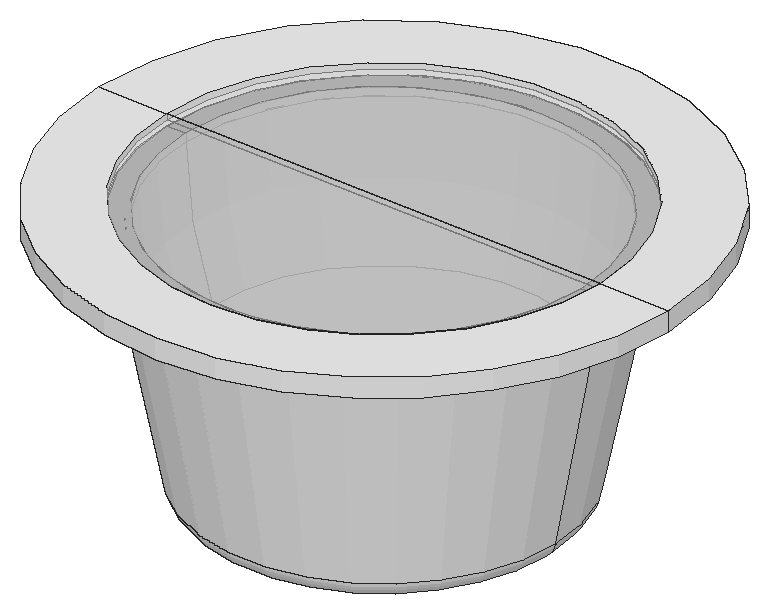
Revit family "2060567+2028034 Sylvania Lighting Fixture ASCENT 100 II ARCH 2700 4K DALI 160 with IP44 Clear Glass", category Lighting Fixtures, host Face, Revit 2016
Family settings
  Host = Face
  Part Type = Normal
  Round Connector Dimension = Use Diameter
  OmniClass Number = 23.80.70.11.17
  OmniClass Title = Specialized Lighting by Location or Use
  Cut with Voids When Loaded = No
  Light Source = Yes
  Shared = No
  Room Calculation Point = No
Parameters (values of type "2060567+2028034 ASCT100 II ARCH 2700 4K DALI 160 with IP44 Clear Glass")
  WidthBezelAcc_SYL = 25.0 mm
  Weight = "1.2 kg"
  Wattage = 21 W
  WarrantyStartDate [instance] = "n/a"
  WarrantyGuarantorParts = "n/a"
  WarrantyDurationUnit = "n/a"
  WarrantyDurationParts = "n/a"
  WarrantyDescription = "n/a"
  built-in parameter 1150110 = 1 (stored number, unit not read)
  Voltage = 0 V
  VisibilityAccessory_SYL = yes
  TypeName = "ASCENT 100 II ARCH 2700 4K DALI 160"
  built-in parameter 1114217 = 1 (stored number, unit not read)
  Tilt Angle = -90°
  built-in parameter 1150109 = 1 (stored number, unit not read)
  built-in parameter 1150134 = 12
  built-in parameter 1150113 = 1 (stored number, unit not read)
  SerialNumber [instance] = "n/a"
  ReflectorRadius_SYL = Radius_SYL - 14.5 mm  # 80.0 mm
  RadiusAcc_SYL = 105.0 mm
  Radius_SYL = 94.5 mm
  URL = "http://www.sylvania-lighting.com"
  PowerFactor = 0
  PowerConsumption = "21 W"
  Photometric Web File = "2060567.ies"
  NominalWidth = 0.0 mm
  NominalLength = 0.0 mm
  NominalHeight = 94.0 mm
  Name = "ASCENT 100 II ARCH 2700 4K DALI 160"
  ModelReference = "ASCENT 100 II ARCH 2700 4K DALI 160"
  ModelNumber = "2060567+2028034"
  Material_4_SYL = none
  Material_3_SYL = Polycarbonate_Sylvania_Ascent_Clear
  Material_2_SYL = Aluminium_Sylvania_Ascent_Silver
  Material_1_SYL = Aluminum_Sylvania_Ascent_White
  Material = "aluminium housing, arcylic diffuser"
  ManufacturerName = "Feilo Sylvania"
  LuminousEfficacy = "132 lm/W"
  built-in parameter 1150105 = 220.59 (stored number, unit not read)
  Lumens = 2772 lm
  LuminaireType = ""
  built-in parameter 1150115 = 1 (stored number, unit not read)
  LightOutputRatio = "100"
  built-in parameter 1150137 = (empty or 0)
  built-in parameter 1150139 = (empty or 0)
  LampsType = Lamp  # "LED"
  LampNominalLuminous = "2767 lm"
  LampMacAdamStep = "3"
  LampColourTemperature = "4000 K"
  LampColourRenderingIndex = "80"
  built-in parameter 1150112 = 1 (stored number, unit not read)
  built-in parameter 1150114 = 1 (stored number, unit not read)
  Keynote = "16500"
  InstallationDate [instance] = "n/a"
  InputVoltage = "n/a"
  InputNominalFrequency = "n/a"
  built-in parameter 1150132 = (empty or 0)
  built-in parameter 1150102 = (empty or 0)
  built-in parameter 1150107 = 4000 (stored number, unit not read)
  built-in parameter 1150138 = (empty or 0)
  IngressProtection = "IP44"
  ImpactProtectionIndex = "IK02"
  built-in parameter 1150106 = 2.2059 (stored number, unit not read)
  IfcExportType = "IfcLightFixtureType"
  IfcExportAs = "IfcLightFixtureType"
  Height_SYL = 94.0 mm
  HeightAcc_SYL = 7.0 mm
  ExpectedLife = 50000
  EmittionSurface_SYL = if(VisibilityAccessory_SYL, 7.0 mm, 3.0 mm)  # 7.0 mm
  Emit from Circle Diameter = DiffuserRadius_SYL * 2  # 146.0 mm
  Emit Shape Visible in Rendering = no
  ElectricShockClassification = "Class II"
  built-in parameter 1150104 = 12.263 (stored number, unit not read)
  DurationUnit = "hours"
  DocumentationLiterature = "http://www.sylvania-lighting.com/product/en-int/products/2060567"
  DimmingControlOptions = "n/a"
  Dimming Lamp Color Temperature Shift = <None>
  DiffuserRadius_SYL = ReflectorRadius_SYL - 7.0 mm  # 73.0 mm
  Diameter_SYL = 2 * Radius_SYL  # 189.0 mm
  CutoutDiameter_SYL = Diameter_SYL - 13.0 mm  # 176.0 mm
  CreatedOn = "9/17/2018"
  CreatedBy = "@sylvania-lighting.com"
  Color Filter = 16777215
  built-in parameter 1114216 [instance] = 1 (stored number, unit not read)
  Model = "ASCENT 100 II ARCH 2700 4K DALI 160"
  Manufacturer = "Feilo Sylvania"
  Lamp = "LED"
  Description = "Direct LED retro fit for original LED 100 Arch (160) single CFL lamp offering Matching lumen levels and improved light distribution of original LED 100 CFL lamp equivalents Typically half the power consumption compared to CFL Up to 112lm/W 160mm aperture Architectural reflector accepts range of glass accessories from existing LED 100 Arch 160 offering HE, HO and VHO versions equivalent of single 1 x 18W, 1 x 32W, 1 x 42W\r\n Additional VVHO versions which offer the performance circa 2 x 32W equivalent"  # constant formula
  Default Elevation = 0.0 mm
  built-in parameter 1140040 [instance] = 1
  BarCode [instance] = "n/a"
  built-in parameter 1114218 = 1 (stored number, unit not read)
  built-in parameter 1150133 = 10 (stored number, unit not read)
  AssetType = "Fixed"
  AssetIdentifier [instance] = "n/a"
  Assembly Code = "D5020200"
  Apparent Load = 21 VA
  Aperture_SYL = 2 * ReflectorRadius_SYL  # 160.0 mm
Reference planes
  plane 1 "Center (Front/Back)": y = 0
  plane 2: z = 0
  plane 3 "Center (Left/Right)": x = 0
  plane 4 "Fixture Bottom": z = 3
  plane 5: z = -52.5
  plane 6 "Fixture Top": z = -91
  plane 7: x = -105
  plane 8: z = 7
  plane 9: x = -80
  plane 10: z = 5
  plane 11: x = -103
Forms (mm)
  Extrusion 1, solid, material "Aluminum_Sylvania_Ascent_White", detail levels fine
    sketch origin (0, 0, 0) x (1, 0, 0) y (0, 1, 0)
      loop
        circle (0, 0) r 94.5
      loop
        circle (0, 0) r 80
    from 0 to 3
  Extrusion 2, void
    sketch origin (0, 0, 0) x (1, 0, 0) y (0, 1, 0)
      loop
        circle (0, 0) r 88
    from -91 to 3
  Revolve 3, solid, material "Aluminum_Sylvania_Ascent_White" <- "Material_1_SYL", detail levels fine
    sketch origin (0, 0, 0) x (1, 0, 0) y (0, 0, 1)
      loop
        line (0, -91.073) -> (0, -89.023) -> (-55.468, -89.014)
        arc (-55.468, -89.014) -> (-59.352, -87.613) -> (-61.54, -84.139) r 6.307
        line (-61.54, -84.139) -> (-77.991, -2.844) -> (-77.991, 0) -> (-80, 0) -> (-80, -3) -> (-63.5, -84.536)
        arc (-63.5, -84.536) -> (-60.643, -89.203) -> (-55.5, -91.073) r 8.291
        line (-55.5, -91.073) -> (0, -91.073)
      axis (0, 0) -> (0, -91.073)
    angle from 0 to 360
  Revolve 4, solid, material "Aluminium_Sylvania_Ascent_Silver" <- "Material_2_SYL", detail levels fine
    sketch origin (0, 0, 0) x (1, 0, 0) y (0, 0, 1)
      loop
        line (-80, 3) -> (-80, 0) -> (-75, 0)
        arc (-75, 0) -> (-72.349, -26.77) -> (-64.5, -52.5) r 136.5
        line (-64.5, -52.5) -> (-58, -52.5)
        arc (-58, -52.5) -> (-56.857, -61.521) -> (-53.5, -69.971) r 36.166
        line (-53.5, -69.971) -> (0, -69.971) -> (0, -50.5) -> (-63.16, -50.5)
        arc (-63.16, -50.5) -> (-70.517, -25.725) -> (-73, 0) r 134.5
        line (-73, 0) -> (-73, 3) -> (-80, 3)
      axis (0, 3) -> (0, -69.971)
    angle from 0 to 360
  Extrusion 5, solid, material "Polycarbonate_Sylvania_Ascent_Clear" <- "Material_3_SYL", detail levels fine
    sketch origin (0, 0, 0) x (1, 0, 0) y (0, 1, 0)
      loop
        circle (0, 0) r 73
    from 0 to 3
  Revolve 6, solid, material "Aluminum_Sylvania_Ascent_White" <- "Material_1_SYL", detail levels coarse+medium
    sketch origin (0, 0, 0) x (1, 0, 0) y (0, 0, 1)
      loop
        line (0, -91.073) -> (0, 3) -> (-94.5, 3) -> (-94.5, 0) -> (-79.5, 0) -> (-79.5, -3) -> (-63, -84.536)
        arc (-63, -84.536) -> (-60.143, -89.203) -> (-55, -91.073) r 8.291
        line (-55, -91.073) -> (0, -91.073)
      axis (0, 3) -> (0, -91.073)
    angle from 0 to 360
  Revolve 7, solid, material "Aluminum_Sylvania_Ascent_White" <- "Material_1_SYL", visible <- "VisibilityAccessory_SYL"
    sketch origin (0, 0, 0) x (1, 0, 0) y (0, 0, 1)
      loop
        line (-105, 0) -> (-103, 0) -> (-103, 5) -> (-80, 5) -> (-80, 7) -> (-105, 7) -> (-105, 0)
      axis (0, 7) -> (0, 0)
    angle from 0 to 360
  Revolve 8, solid, material "Polycarbonate_Sylvania_Ascent_Clear" <- "Material_3_SYL", visible <- "VisibilityAccessory_SYL"
    sketch origin (0, 0, 0) x (1, 0, 0) y (0, 0, 1)
      loop
        line (-80, 7) -> (-80, 5) -> (0, 5) -> (0, 7) -> (-80, 7)
      axis (0, 7) -> (0, 5)
    angle from 0 to 360
Lines and regions (mm)
  reference lines
    curve 1: line (-150, 0, 7) -> (125, 0, 7)
Dimensions and locks
  locked: plane 4 "Fixture Bottom" to plane 2 at 3
  "Height_SYL": plane 4 "Fixture Bottom" to plane 6 "Fixture Top"
  "ReflectorRadius_SYL": plane 3 "Center (Left/Right)" to Revolve 4 sketch curve
  locked: Revolve 4 sketch curve to Revolve 4 sketch curve at 15.5
  locked: Revolve 4 sketch curve to Revolve 4 sketch curve at 5
  locked: Revolve 4 sketch curve to Revolve 4 sketch curve at 7
  locked: Revolve 4 sketch curve to Revolve 4 sketch curve at 22
  locked: Revolve 4 sketch curve to Revolve 4 sketch curve at 26.5
  locked: Revolve 3 sketch curve to Revolve 3 sketch curve at 16.5
  locked: Revolve 3 sketch curve to Revolve 3 sketch curve at 24.5
  "ReflectorRadius_SYL": Revolve 3 sketch curve to plane 3 "Center (Left/Right)"
  locked: Revolve 3 sketch curve to plane 6 "Fixture Top" at 6.464
  locked: plane 2 to Revolve 3 sketch curve at 3
  locked: Revolve 3 sketch curve to Revolve 3 sketch curve at 2
  locked: Revolve 3 sketch curve to Revolve 3 sketch curve at 2.009
  locked: plane 2 to plane 5 at 52.5
  locked: Revolve 6 sketch curve to Revolve 6 sketch curve at 31.5
  locked: Revolve 6 sketch curve to Revolve 6 sketch curve at 39.5
  locked: Revolve 6 sketch curve to Revolve 6 sketch curve at 15
  "Radius_SYL": plane 3 "Center (Left/Right)" to Revolve 6 sketch curve
  "RadiusAcc_SYL": plane 3 "Center (Left/Right)" to plane 7
  "HeightAcc_SYL": plane 8 to level
  "WidthBezelAcc_SYL": plane 7 to plane 9
  locked: plane 7 to plane 11 at 2
  locked: plane 8 to plane 10 at 2
  "EmittionSurface_SYL": curve 1 to level
  "CutoutDiameter_SYL": diameter of Extrusion 2 sketch curve
  "ReflectorRadius_SYL": radius of Extrusion 1 sketch curve
  "DiffuserRadius_SYL": radius of Extrusion 5 sketch curve
  "Radius_SYL": radius of Extrusion 1 sketch curve
  aligned and locked: host face to plane 2
  aligned and locked: host face to level
  aligned and locked: plane 4 "Fixture Bottom" to Extrusion 1
  aligned and locked: Extrusion 1 to plane 2
  aligned and locked: Revolve 3 sketch curve to plane 3 "Center (Left/Right)"
  aligned and locked: Revolve 4 sketch curve to plane 3 "Center (Left/Right)"  (x2)
  aligned and locked: plane 4 "Fixture Bottom" to Revolve 4 sketch curve
  aligned and locked: Extrusion 5 to plane 2
  aligned and locked: plane 2 to Revolve 3 sketch curve  (x2)
  aligned and locked: Revolve 6 sketch curve to plane 3 "Center (Left/Right)"
  aligned and locked: plane 6 "Fixture Top" to Extrusion 2
  aligned and locked: Revolve 7 sketch curve to plane 3 "Center (Left/Right)"
  aligned and locked: host face to Revolve 7 sketch curve  (x2)
  aligned and locked: Revolve 7 sketch curve to plane 7
  aligned and locked: plane 8 to Revolve 7 sketch curve
  aligned and locked: plane 9 to Revolve 7 sketch curve
  aligned and locked: Revolve 7 sketch curve to plane 10
  aligned and locked: plane 11 to Revolve 7 sketch curve
  aligned and locked: Revolve 7 to Revolve 8 sketch curve
  aligned and locked: Revolve 8 sketch curve to Revolve 7  (x2)
  aligned and locked: Revolve 8 sketch curve to plane 3 "Center (Left/Right)"  (x2)
  aligned and locked: plane 3 "Center (Left/Right)" to imposter light
  aligned and locked: imposter light to plane 1 "Center (Front/Back)"
  aligned and locked: imposter light to curve 1
Automatic sketch dimensions
  plane 1 "Center (Front/Back)" to Extrusion 2 sketch curve = 0.0 mm
  Extrusion 2 sketch curve to plane 3 "Center (Left/Right)" = 0.0 mm
  Extrusion 1 sketch curve to Extrusion 1 sketch curve = 0.0 mm  (x2)
  plane 1 "Center (Front/Back)" to Extrusion 1 sketch curve = 0.0 mm
  Extrusion 1 sketch curve to plane 3 "Center (Left/Right)" = 0.0 mm
  plane 6 "Fixture Top" to Revolve 3 sketch curve = 0.073 mm
  Revolve 3 sketch curve to plane 6 "Fixture Top" = 6.861 mm
  Revolve 3 sketch curve to Revolve 3 sketch curve = 0.003 mm
  Revolve 3 sketch curve to Revolve 3 sketch curve = 0.009 mm  (x2)
  Revolve 3 sketch curve to Revolve 3 sketch curve = 0.023 mm
  Revolve 3 sketch curve to Revolve 3 sketch curve = 0.072 mm
  Revolve 3 sketch curve to Revolve 3 sketch curve = 0.008 mm
  Revolve 3 sketch curve to plane 6 "Fixture Top" = 1.977 mm
  Revolve 3 sketch curve to Revolve 3 sketch curve = 33.496 mm
  Revolve 3 sketch curve to Revolve 3 sketch curve = 0.028 mm
  plane 4 "Fixture Bottom" to Revolve 3 sketch curve = 82.431 mm
  Revolve 4 sketch curve to Revolve 4 sketch curve = 0.0 mm  (x2)
  Revolve 4 sketch curve to plane 5 = 0.0 mm
  Revolve 4 sketch curve to level = 0.0 mm
  plane 5 to Revolve 4 sketch curve = 2.0 mm
  plane 4 "Fixture Bottom" to Revolve 4 sketch curve = 9.642 mm
  plane 1 "Center (Front/Back)" to Extrusion 5 sketch curve = 0.0 mm
  Extrusion 5 sketch curve to plane 3 "Center (Left/Right)" = 0.0 mm
  Revolve 4 sketch curve to level = 69.971 mm
  Revolve 4 sketch curve to Revolve 4 sketch curve = 2.387 mm
  Revolve 6 sketch curve to level = 0.0 mm
  Revolve 6 sketch curve to plane 3 "Center (Left/Right)" = 0.0 mm
  Revolve 6 sketch curve to Revolve 6 sketch curve = 8.104 mm
  Revolve 6 sketch curve to level = 3.0 mm
  Revolve 6 sketch curve to plane 6 "Fixture Top" = 6.464 mm
  plane 6 "Fixture Top" to Revolve 6 sketch curve = 0.073 mm
  Revolve 6 sketch curve to Revolve 6 sketch curve = 33.496 mm
  plane 4 "Fixture Bottom" to Revolve 6 sketch curve = 82.431 mm
  host sketch curve to host sketch curve = 1704.996 mm
  host sketch curve to host sketch curve = 1500.0 mm
  plane 6 "Fixture Top" to Revolve 7 sketch curve = 281.274 mm
  Revolve 7 sketch curve to plane 8 = 1140.706 mm
  plane 6 "Fixture Top" to Revolve 8 sketch curve = 281.274 mm
  Revolve 8 sketch curve to Revolve 8 sketch curve = 1140.706 mm
  Revolve 3 sketch curve to plane 3 "Center (Left/Right)" = 0.0 mm
  Revolve 6 sketch curve to plane 4 "Fixture Bottom" = 0.0 mm
  plane 7 to curve 1 = 45.0 mm
  plane 3 "Center (Left/Right)" to curve 1 = 125.0 mm
Connectors
  electrical at (0, 0, -91.073), driven by "Apparent Load"
    settings: on Revolve 3, index 1, voltage 240 V, apparent load 0 VA, apparent load phase1 21 VA, apparent load phase2 0 VA, apparent load phase3 0 VA, power factor 1, load classification "Lighting", number of poles 1, system type 31, power factor state 1, is connector primary yes, connector utility no, sub classification motor no, connector description ""
